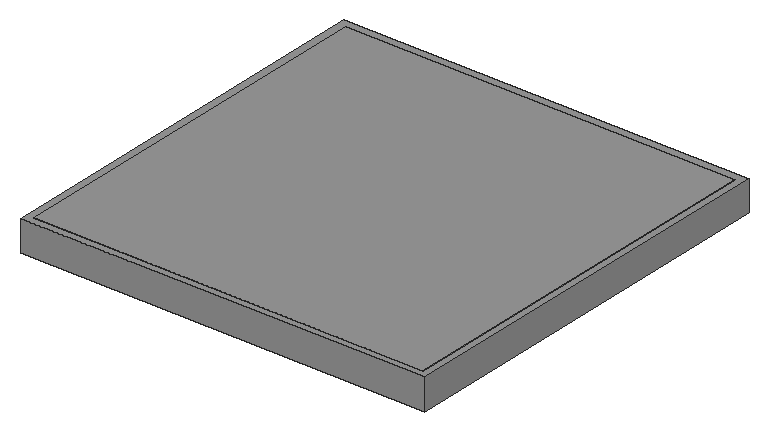
Revit family "ДВО-09 30 Вт Грильято DALI", category Осветительные приборы, Revit 2019 (continued)
Parameters (values of type "ДВО-09-О-30-3К-IP40-Грильято-DALI")
     1189.7 1184.8 1179.6 1173.9 1167.8 1161.1 1154.1 1146.5 1138.6 1130.3 1121.6 1112.5 1102.9 1093.3 1083.0 1072.6 1061.6 1050.5 1038.7 1027.0 1014.6 1002.0 989.0 975.7 961.8 947.9 933.7 919.2 904.6 889.6 874.5 859.0 843.5 827.5 811.2 794.7 777.8 760.8 743.6 726.1 708.5 690.7 672.6 654.3 635.8 617.2 598.2 579.1 559.8 540.3 520.6 500.6 480.7 460.3 440.2 419.4 399.0 378.2 357.6 336.7 316.2 295.3 275.0 254.3 234.4 214.1 194.5 175.0 156.0 137.2 119.1 101.8 85.3 70.0 55.8 43.3 32.6 23.9 17.1 12.4 9.3 7.5 6.7 6.4 6.3 6.4 6.4 6.3 6.4 6.5 6.6 0.0 0.0 0.0 0.0 0.0 0.0 0.0 0.0 0.0 0.0 0.0 0.0 0.0 0.0 0.0 0.0 0.0 0.0 0.0 0.0 0.0 0.0 0.0 0.0 0.0 0.0 0.0 0.0 0.0 0.0 0.0 0.0 0.0 0.0 0.0 0.0 0.0 0.0 0.0 0.0 0.0 0.0 0.0 0.0 0.0 0.0 0.0 0.0 0.0 0.0 0.0 0.0 0.0 0.0 0.0 0.0 0.0 0.0 0.0 0.0 0.0\r\n1213.1 1212.4 1211.0 1209.0 1206.6 1203.8 1200.3 1196.6 1192.3 1187.9 1182.9 1177.6 1171.6 1165.5 1158.5 1151.3 1143.5 1135.3 1126.8 1117.8 1108.6 1098.9 1089.1 1078.7 1068.2 1057.1 1045.8 1033.8 1021.8 1009.1 996.3 982.8 969.3 955.2 941.2 926.8 912.4 897.5 882.7 867.5 852.4 836.8 821.0 804.7 788.4 771.2 754.2 736.6 719.0 700.8 683.0 664.4 646.1 627.2 608.8 589.7 570.8 551.3 532.1 512.2 492.1 472.3 451.8 431.6 410.6 390.1 369.2 348.6 327.7 307.3 286.6 266.5 246.0 226.4 206.4 187.1 167.9 149.3 130.8 113.3 96.2 80.2 65.4 51.9 39.8 29.9 21.7 15.6 11.2 8.5 7.0 6.5 6.4 6.4 6.5 6.6 6.4 6.6 6.7 6.7 0.0 0.0 0.0 0.0 0.0 0.0 0.0 0.0 0.0 0.0 0.0 0.0 0.0 0.0 0.0 0.0 0.0 0.0 0.0 0.0 0.0 0.0 0.0 0.0 0.0 0.0 0.0 0.0 0.0 0.0 0.0 0.0 0.0 0.0 0.0 0.0 0.0 0.0 0.0 0.0 0.0 0.0 0.0 0.0 0.0 0.0 0.0 0.0 0.0 0.0 0.0 0.0 0.0 0.0 0.0 0.0 0.0 0.0 0.0 0.0 0.0\r\n1213.1 1212.5 1211.3 1209.5 1207.5 1205.0 1202.2 1198.8 1194.8 1190.7 1186.0 1181.0 1175.4 1169.1 1162.5 1155.4 1147.9 1140.1 1131.6 1123.0 1114.0 1104.9 1095.6 1085.8 1075.4 1064.4 1053.3 1041.6 1029.7 1017.2 1004.6 991.4 978.3 964.7 951.1 937.4 923.4 908.9 894.5 879.4 864.4 848.5 832.5 815.9 799.4 782.4 765.5 748.1 730.8 713.1 695.7 677.3 659.3 640.5 621.9 602.4 583.3 563.7 544.6 524.8 505.4 485.4 465.4 444.8 424.7 403.8 382.9 362.4 341.4 320.7 299.8 279.3 258.6 238.4 217.9 198.2 178.3 159.2 140.1 121.9 104.0 87.4 71.6 57.5 44.5 33.3 24.2 17.3 12.3 9.1 7.2 6.3 6.1 6.1 6.1 6.2 6.1 6.2 6.3 6.2 0.0 0.0 0.0 0.0 0.0 0.0 0.0 0.0 0.0 0.0 0.0 0.0 0.0 0.0 0.0 0.0 0.0 0.0 0.0 0.0 0.0 0.0 0.0 0.0 0.0 0.0 0.0 0.0 0.0 0.0 0.0 0.0 0.0 0.0 0.0 0.0 0.0 0.0 0.0 0.0 0.0 0.0 0.0 0.0 0.0 0.0 0.0 0.0 0.0 0.0 0.0 0.0 0.0 0.0 0.0 0.0 0.0 0.0 0.0 0.0 0.0\r\n1213.1 1212.5 1211.4 1209.7 1207.7 1205.2 1202.4 1199.0 1195.1 1191.1 1186.4 1181.3 1175.8 1169.6 1163.1 1156.1 1148.7 1141.0 1132.7 1124.2 1115.2 1105.9 1096.5 1086.6 1076.2 1065.2 1054.2 1042.6 1030.9 1018.7 1006.2 993.3 980.2 966.5 952.8 939.0 924.7 910.3 895.5 880.5 865.0 849.3 833.2 816.8 800.2 783.4 766.4 749.3 732.0 714.6 697.1 679.1 660.9 642.4 623.7 604.6 585.4 566.0 546.5 526.9 507.2 487.3 467.1 446.8 426.5 405.8 385.0 364.5 343.5 322.9 301.9 281.4 260.6 240.4 219.8 200.1 180.2 161.0 141.9 123.4 105.7 88.9 73.1 58.6 45.7 34.3 25.1 18.0 12.9 9.6 7.6 6.6 6.2 6.1 6.2 6.2 6.2 6.2 6.3 6.3 0.0 0.0 0.0 0.0 0.0 0.0 0.0 0.0 0.0 0.0 0.0 0.0 0.0 0.0 0.0 0.0 0.0 0.0 0.0 0.0 0.0 0.0 0.0 0.0 0.0 0.0 0.0 0.0 0.0 0.0 0.0 0.0 0.0 0.0 0.0 0.0 0.0 0.0 0.0 0.0 0.0 0.0 0.0 0.0 0.0 0.0 0.0 0.0 0.0 0.0 0.0 0.0 0.0 0.0 0.0 0.0 0.0 0.0 0.0 0.0 0.0\r\n1213.1 1212.4 1211.4 1209.9 1207.9 1205.4 1202.5 1199.2 1195.4 1191.4 1186.7 1181.5 1176.1 1170.0 1163.6 1156.8 1149.5 1141.8 1133.8 1125.3 1116.3 1106.9 1097.4 1087.3 1076.9 1066.0 1055.1 1043.6 1032.1 1020.1 1007.7 995.1 982.0 968.3 954.5 940.5 926.0 911.6 896.4 881.5 865.6 850.1 833.9 817.7 801.0 784.3 767.3 750.5 733.2 716.1 698.4 680.8 662.5 644.3 625.5 606.7 587.4 568.2 548.4 528.9 509.0 489.1 468.8 448.8 428.2 407.8 387.1 366.6 345.6 325.0 304.0 283.4 262.5 242.3 221.7 201.9 182.0 162.7 143.6 124.9 107.4 90.3 74.6 59.7 46.8 35.2 26.0 18.6 13.5 10.1 7.9 6.9 6.3 6.1 6.2 6.2 6.2 6.2 6.3 6.4 0.0 0.0 0.0 0.0 0.0 0.0 0.0 0.0 0.0 0.0 0.0 0.0 0.0 0.0 0.0 0.0 0.0 0.0 0.0 0.0 0.0 0.0 0.0 0.0 0.0 0.0 0.0 0.0 0.0 0.0 0.0 0.0 0.0 0.0 0.0 0.0 0.0 0.0 0.0 0.0 0.0 0.0 0.0 0.0 0.0 0.0 0.0 0.0 0.0 0.0 0.0 0.0 0.0 0.0 0.0 0.0 0.0 0.0 0.0 0.0 0.0\r\n1213.1 1212.4 1211.2 1209.5 1207.3 1204.6 1201.4 1197.9 1193.9 1189.7 1184.8 1179.6 1173.9 1167.8 1161.1 1154.1 1146.5 1138.6 1130.3 1121.6 1112.5 1102.9 1093.3 1083.0 1072.6 1061.6 1050.5 1038.7 1027.0 1014.6 1002.0 989.0 975.7 961.8 947.9 933.7 919.2 904.6 889.6 874.5 859.0 843.5 827.5 811.2 794.7 777.8 760.8 743.6 726.1 708.5 690.7 672.6 654.3 635.8 617.2 598.2 579.1 559.8 540.3 520.6 500.6 480.7 460.3 440.2 419.4 399.0 378.2 357.6 336.7 316.2 295.3 275.0 254.3 234.4 214.1 194.5 175.0 156.0 137.2 119.1 101.8 85.3 70.0 55.8 43.3 32.6 23.9 17.1 12.4 9.3 7.5 6.7 6.4 6.3 6.4 6.4 6.3 6.4 6.5 6.6 0.0 0.0 0.0 0.0 0.0 0.0 0.0 0.0 0.0 0.0 0.0 0.0 0.0 0.0 0.0 0.0 0.0 0.0 0.0 0.0 0.0 0.0 0.0 0.0 0.0 0.0 0.0 0.0 0.0 0.0 0.0 0.0 0.0 0.0 0.0 0.0 0.0 0.0 0.0 0.0 0.0 0.0 0.0 0.0 0.0 0.0 0.0 0.0 0.0 0.0 0.0 0.0 0.0 0.0 0.0 0.0 0.0 0.0 0.0 0.0 0.0\r\n1213.1 1212.4 1211.0 1209.0 1206.6 1203.8 1200.3 1196.6 1192.3 1187.9 1182.9 1177.6 1171.6 1165.5 1158.5 1151.3 1143.5 1135.3 1126.8 1117.8 1108.6 1098.9 1089.1 1078.7 1068.2 1057.1 1045.8 1033.8 1021.8 1009.1 996.3 982.8 969.3 955.2 941.2 926.8 912.4 897.5 882.7 867.5 852.4 836.8 821.0 804.7 788.4 771.2 754.2 736.6 719.0 700.8 683.0 664.4 646.1 627.2 608.8 589.7 570.8 551.3 532.1 512.2 492.1 472.3 451.8 431.6 410.6 390.1 369.2 348.6 327.7 307.3 286.6 266.5 246.0 226.4 206.4 187.1 167.9 149.3 130.8 113.3 96.2 80.2 65.4 51.9 39.8 29.9 21.7 15.6 11.2 8.5 7.0 6.5 6.4 6.4 6.5 6.6 6.4 6.6 6.7 6.7 0.0 0.0 0.0 0.0 0.0 0.0 0.0 0.0 0.0 0.0 0.0 0.0 0.0 0.0 0.0 0.0 0.0 0.0 0.0 0.0 0.0 0.0 0.0 0.0 0.0 0.0 0.0 0.0 0.0 0.0 0.0 0.0 0.0 0.0 0.0 0.0 0.0 0.0 0.0 0.0 0.0 0.0 0.0 0.0 0.0 0.0 0.0 0.0 0.0 0.0 0.0 0.0 0.0 0.0 0.0 0.0 0.0 0.0 0.0 0.0 0.0\r\n1213.1 1212.5 1211.3 1209.5 1207.5 1205.0 1202.2 1198.8 1194.8 1190.7 1186.0 1181.0 1175.4 1169.1 1162.5 1155.4 1147.9 1140.1 1131.6 1123.0 1114.0 1104.9 1095.6 1085.8 1075.4 1064.4 1053.3 1041.6 1029.7 1017.2 1004.6 991.4 978.3 964.7 951.1 937.4 923.4 908.9 894.5 879.4 864.4 848.5 832.5 815.9 799.4 782.4 765.5 748.1 730.8 713.1 695.7 677.3 659.3 640.5 621.9 602.4 583.3 563.7 544.6 524.8 505.4 485.4 465.4 444.8 424.7 403.8 382.9 362.4 341.4 320.7 299.8 279.3 258.6 238.4 217.9 198.2 178.3 159.2 140.1 121.9 104.0 87.4 71.6 57.5 44.5 33.3 24.2 17.3 12.3 9.1 7.2 6.3 6.1 6.1 6.1 6.2 6.1 6.2 6.3 6.2 0.0 0.0 0.0 0.0 0.0 0.0 0.0 0.0 0.0 0.0 0.0 0.0 0.0 0.0 0.0 0.0 0.0 0.0 0.0 0.0 0.0 0.0 0.0 0.0 0.0 0.0 0.0 0.0 0.0 0.0 0.0 0.0 0.0 0.0 0.0 0.0 0.0 0.0 0.0 0.0 0.0 0.0 0.0 0.0 0.0 0.0 0.0 0.0 0.0 0.0 0.0 0.0 0.0 0.0 0.0 0.0 0.0 0.0 0.0 0.0 0.0\r\n1213.1 1212.5 1211.4 1209.7 1207.7 1205.2 1202.4 1199.0 1195.1 1191.1 1186.4 1181.3 1175.8 1169.6 1163.1 1156.1 1148.7 1141.0 1132.7 1124.2 1115.2 1105.9 1096.5 1086.6 1076.2 1065.2 1054.2 1042.6 1030.9 1018.7 1006.2 993.3 980.2 966.5 952.8 939.0 924.7 910.3 895.5 880.5 865.0 849.3 833.2 816.8 800.2 783.4 766.4 749.3 732.0 714.6 697.1 679.1 660.9 642.4 623.7 604.6 585.4 566.0 546.5 526.9 507.2 487.3 467.1 446.8 426.5 405.8 385.0 364.5 343.5 322.9 301.9 281.4 260.6 240.4 219.8 200.1 180.2 161.0 141.9 123.4 105.7 88.9 73.1 58.6 45.7 34.3 25.1 18.0 12.9 9.6 7.6 6.6 6.2 6.1 6.2 6.2 6.2 6.2 6.3 6.3 0.0 0.0 0.0 0.0 0.0 0.0 0.0 0.0 0.0 0.0 0.0 0.0 0.0 0.0 0.0 0.0 0.0 0.0 0.0 0.0 0.0 0.0 0.0 0.0 0.0 0.0 0.0 0.0 0.0 0.0 0.0 0.0 0.0 0.0 0.0 0.0 0.0 0.0 0.0 0.0 0.0 0.0 0.0 0.0 0.0 0.0 0.0 0.0 0.0 0.0 0.0 0.0 0.0 0.0 0.0 0.0 0.0 0.0 0.0 0.0 0.0\r\n1213.1 1212.4 1211.4 1209.9 1207.9 1205.4 1202.5 1199.2 1195.4 1191.4 1186.7 1181.5 1176.1 1170.0 1163.6 1156.8 1149.5 1141.8 1133.8 1125.3 1116.3 1106.9 1097.4 1087.3 1076.9 1066.0 1055.1 1043.6 1032.1 1020.1 1007.7 995.1 982.0 968.3 954.5 940.5 926.0 911.6 896.4 881.5 865.6 850.1 833.9 817.7 801.0 784.3 767.3 750.5 733.2 716.1 698.4 680.8 662.5 644.3 625.5 606.7 587.4 568.2 548.4 528.9 509.0 489.1 468.8 448.8 428.2 407.8 387.1 366.6 345.6 325.0 304.0 283.4 262.5 242.3 221.7 201.9 182.0 162.7 143.6 124.9 107.4 90.3 74.6 59.7 46.8 35.2 26.0 18.6 13.5 10.1 7.9 6.9 6.3 6.1 6.2 6.2 6.2 6.2 6.3 6.4 0.0 0.0 0.0 0.0 0.0 0.0 0.0 0.0 0.0 0.0 0.0 0.0 0.0 0.0 0.0 0.0 0.0 0.0 0.0 0.0 0.0 0.0 0.0 0.0 0.0 0.0 0.0 0.0 0.0 0.0 0.0 0.0 0.0 0.0 0.0 0.0 0.0 0.0 0.0 0.0 0.0 0.0 0.0 0.0 0.0 0.0 0.0 0.0 0.0 0.0 0.0 0.0 0.0 0.0 0.0 0.0 0.0 0.0 0.0 0.0 0.0\r\n1213.1 1212.4 1211.2 1209.5 1207.3 1204.6 1201.4 1197.9 1193.9 1189.7 1184.8 1179.6 1173.9 1167.8 1161.1 1154.1 1146.5 1138.6 1130.3 1121.6 1112.5 1102.9 1093.3 1083.0 1072.6 1061.6 1050.5 1038.7 1027.0 1014.6 1002.0 989.0 975.7 961.8 947.9 933.7 919.2 904.6 889.6 874.5 859.0 843.5 827.5 811.2 794.7 777.8 760.8 743.6 726.1 708.5 690.7 672.6 654.3 635.8 617.2 598.2 579.1 559.8 540.3 520.6 500.6 480.7 460.3 440.2 419.4 399.0 378.2 357.6 336.7 316.2 295.3 275.0 254.3 234.4 214.1 194.5 175.0 156.0 137.2 119.1 101.8 85.3 70.0 55.8 43.3 32.6 23.9 17.1 12.4 9.3 7.5 6.7 6.4 6.3 6.4 6.4 6.3 6.4 6.5 6.6 0.0 0.0 0.0 0.0 0.0 0.0 0.0 0.0 0.0 0.0 0.0 0.0 0.0 0.0 0.0 0.0 0.0 0.0 0.0 0.0 0.0 0.0 0.0 0.0 0.0 0.0 0.0 0.0 0.0 0.0 0.0 0.0 0.0 0.0 0.0 0.0 0.0 0.0 0.0 0.0 0.0 0.0 0.0 0.0 0.0 0.0 0.0 0.0 0.0 0.0 0.0 0.0 0.0 0.0 0.0 0.0 0.0 0.0 0.0 0.0 0.0\r\n1213.1 1212.4 1211.0 1209.0 1206.6 1203.8 1200.3 1196.6 1192.3 1187.9 1182.9 1177.6 1171.6 1165.5 1158.5 1151.3 1143.5 1135.3 1126.8 1117.8 1108.6 1098.9 1089.1 1078.7 1068.2 1057.1 1045.8 1033.8 1021.8 1009.1 996.3 982.8 969.3 955.2 941.2 926.8 912.4 897.5 882.7 867.5 852.4 836.8 821.0 804.7 788.4 771.2 754.2 736.6 719.0 700.8 683.0 664.4 646.1 627.2 608.8 589.7 570.8 551.3 532.1 512.2 492.1 472.3 451.8 431.6 410.6 390.1 369.2 348.6 327.7 307.3 286.6 266.5 246.0 226.4 206.4 187.1 167.9 149.3 130.8 113.3 96.2 80.2 65.4 51.9 39.8 29.9 21.7 15.6 11.2 8.5 7.0 6.5 6.4 6.4 6.5 6.6 6.4 6.6 6.7 6.7 0.0 0.0 0.0 0.0 0.0 0.0 0.0 0.0 0.0 0.0 0.0 0.0 0.0 0.0 0.0 0.0 0.0 0.0 0.0 0.0 0.0 0.0 0.0 0.0 0.0 0.0 0.0 0.0 0.0 0.0 0.0 0.0 0.0 0.0 0.0 0.0 0.0 0.0 0.0 0.0 0.0 0.0 0.0 0.0 0.0 0.0 0.0 0.0 0.0 0.0 0.0 0.0 0.0 0.0 0.0 0.0 0.0 0.0 0.0 0.0 0.0\r\n1213.1 1212.5 1211.3 1209.5 1207.5 1205.0 1202.2 1198.8 1194.8 1190.7 1186.0 1181.0 1175.4 1169.1 1162.5 1155.4 1147.9 1140.1 1131.6 1123.0 1114.0 1104.9 1095.6 1085.8 1075.4 1064.4 1053.3 1041.6 1029.7 1017.2 1004.6 991.4 978.3 964.7 951.1 937.4 923.4 908.9 894.5 879.4 864.4 848.5 832.5 815.9 799.4 782.4 765.5 748.1 730.8 713.1 695.7 677.3 659.3 640.5 621.9 602.4 583.3 563.7 544.6 524.8 505.4 485.4 465.4 444.8 424.7 403.8 382.9 362.4 341.4 320.7 299.8 279.3 258.6 238.4 217.9 198.2 178.3 159.2 140.1 121.9 104.0 87.4 71.6 57.5 44.5 33.3 24.2 17.3 12.3 9.1 7.2 6.3 6.1 6.1 6.1 6.2 6.1 6.2 6.3 6.2 0.0 0.0 0.0 0.0 0.0 0.0 0.0 0.0 0.0 0.0 0.0 0.0 0.0 0.0 0.0 0.0 0.0 0.0 0.0 0.0 0.0 0.0 0.0 0.0 0.0 0.0 0.0 0.0 0.0 0.0 0.0 0.0 0.0 0.0 0.0 0.0 0.0 0.0 0.0 0.0 0.0 0.0 0.0 0.0 0.0 0.0 0.0 0.0 0.0 0.0 0.0 0.0 0.0 0.0 0.0 0.0 0.0 0.0 0.0 0.0 0.0\r\n1213.1 1212.5 1211.4 1209.7 1207.7 1205.2 1202.4 1199.0 1195.1 1191.1 1186.4 1181.3 1175.8 1169.6 1163.1 1156.1 1148.7 1141.0 1132.7 1124.2 1115.2 1105.9 1096.5 1086.6 1076.2 1065.2 1054.2 1042.6 1030.9 1018.7 1006.2 993.3 980.2 966.5 952.8 939.0 924.7 910.3 895.5 880.5 865.0 849.3 833.2 816.8 800.2 783.4 766.4 749.3 732.0 714.6 697.1 679.1 660.9 642.4 623.7 604.6 585.4 566.0 546.5 526.9 507.2 487.3 467.1 446.8 426.5 405.8 385.0 364.5 343.5 322.9 301.9 281.4 260.6 240.4 219.8 200.1 180.2 161.0 141.9 123.4 105.7 88.9 73.1 58.6 45.7 34.3 25.1 18.0 12.9 9.6 7.6 6.6 6.2 6.1 6.2 6.2 6.2 6.2 6.3 6.3 0.0 0.0 0.0 0.0 0.0 0.0 0.0 0.0 0.0 0.0 0.0 0.0 0.0 0.0 0.0 0.0 0.0 0.0 0.0 0.0 0.0 0.0 0.0 0.0 0.0 0.0 0.0 0.0 0.0 0.0 0.0 0.0 0.0 0.0 0.0 0.0 0.0 0.0 0.0 0.0 0.0 0.0 0.0 0.0 0.0 0.0 0.0 0.0 0.0 0.0 0.0 0.0 0.0 0.0 0.0 0.0 0.0 0.0 0.0 0.0 0.0\r\n1213.1 1212.4 1211.4 1209.9 1207.9 1205.4 1202.5 1199.2 1195.4 1191.4 1186.7 1181.5 1176.1 1170.0 1163.6 1156.8 1149.5 1141.8 1133.8 1125.3 1116.3 1106.9 1097.4 1087.3 1076.9 1066.0 1055.1 1043.6 1032.1 1020.1 1007.7 995.1 982.0 968.3 954.5 940.5 926.0 911.6 896.4 881.5 865.6 850.1 833.9 817.7 801.0 784.3 767.3 750.5 733.2 716.1 698.4 680.8 662.5 644.3 625.5 606.7 587.4 568.2 548.4 528.9 509.0 489.1 468.8 448.8 428.2 407.8 387.1 366.6 345.6 325.0 304.0 283.4 262.5 242.3 221.7 201.9 182.0 162.7 143.6 124.9 107.4 90.3 74.6 59.7 46.8 35.2 26.0 18.6 13.5 10.1 7.9 6.9 6.3 6.1 6.2 6.2 6.2 6.2 6.3 6.4 0.0 0.0 0.0 0.0 0.0 0.0 0.0 0.0 0.0 0.0 0.0 0.0 0.0 0.0 0.0 0.0 0.0 0.0 0.0 0.0 0.0 0.0 0.0 0.0 0.0 0.0 0.0 0.0 0.0 0.0 0.0 0.0 0.0 0.0 0.0 0.0 0.0 0.0 0.0 0.0 0.0 0.0 0.0 0.0 0.0 0.0 0.0 0.0 0.0 0.0 0.0 0.0 0.0 0.0 0.0 0.0 0.0 0.0 0.0 0.0 0.0\r\n1213.1 1212.4 1211.2 1209.5 1207.3 1204.6 1201.4 1197.9 1193.9 1189.7 1184.8 1179.6 1173.9 1167.8 1161.1 1154.1 1146.5 1138.6 1130.3 1121.6 1112.5 1102.9 1093.3 1083.0 1072.6 1061.6 1050.5 1038.7 1027.0 1014.6 1002.0 989.0 975.7 961.8 947.9 933.7 919.2 904.6 889.6 874.5 859.0 843.5 827.5 811.2 794.7 777.8 760.8 743.6 726.1 708.5 690.7 672.6 654.3 635.8 617.2 598.2 579.1 559.8 540.3 520.6 500.6 480.7 460.3 440.2 419.4 399.0 378.2 357.6 336.7 316.2 295.3 275.0 254.3 234.4 214.1 194.5 175.0 156.0 137.2 119.1 101.8 85.3 70.0 55.8 43.3 32.6 23.9 17.1 12.4 9.3 7.5 6.7 6.4 6.3 6.4 6.4 6.3 6.4 6.5 6.6 0.0 0.0 0.0 0.0 0.0 0.0 0.0 0.0 0.0 0.0 0.0 0.0 0.0 0.0 0.0 0.0 0.0 0.0 0.0 0.0 0.0 0.0 0.0 0.0 0.0 0.0 0.0 0.0 0.0 0.0 0.0 0.0 0.0 0.0 0.0 0.0 0.0 0.0 0.0 0.0 0.0 0.0 0.0 0.0 0.0 0.0 0.0 0.0 0.0 0.0 0.0 0.0 0.0 0.0 0.0 0.0 0.0 0.0 0.0 0.0 0.0\r\n1213.1 1212.4 1211.0 1209.0 1206.6 1203.8 1200.3 1196.6 1192.3 1187.9 1182.9 1177.6 1171.6 1165.5 1158.5 1151.3 1143.5 1135.3 1126.8 1117.8 1108.6 1098.9 1089.1 1078.7 1068.2 1057.1 1045.8 1033.8 1021.8 1009.1 996.3 982.8 969.3 955.2 941.2 926.8 912.4 897.5 882.7 867.5 852.4 836.8 821.0 804.7 788.4 771.2 754.2 736.6 719.0 700.8 683.0 664.4 646.1 627.2 608.8 589.7 570.8 551.3 532.1 512.2 492.1 472.3 451.8 431.6 410.6 390.1 369.2 348.6 327.7 307.3 286.6 266.5 246.0 226.4 206.4 187.1 167.9 149.3 130.8 113.3 96.2 80.2 65.4 51.9 39.8 29.9 21.7 15.6 11.2 8.5 7.0 6.5 6.4 6.4 6.5 6.6 6.4 6.6 6.7 6.7 0.0 0.0 0.0 0.0 0.0 0.0 0.0 0.0 0.0 0.0 0.0 0.0 0.0 0.0 0.0 0.0 0.0 0.0 0.0 0.0 0.0 0.0 0.0 0.0 0.0 0.0 0.0 0.0 0.0 0.0 0.0 0.0 0.0 0.0 0.0 0.0 0.0 0.0 0.0 0.0 0.0 0.0 0.0 0.0 0.0 0.0 0.0 0.0 0.0 0.0 0.0 0.0 0.0 0.0 0.0 0.0 0.0 0.0 0.0 0.0 0.0\r\n1213.1 1212.5 1211.3 1209.5 1207.5 1205.0 1202.2 1198.8 1194.8 1190.7 1186.0 1181.0 1175.4 1169.1 1162.5 1155.4 1147.9 1140.1 1131.6 1123.0 1114.0 1104.9 1095.6 1085.8 1075.4 1064.4 1053.3 1041.6 1029.7 1017.2 1004.6 991.4 978.3 964.7 951.1 937.4 923.4 908.9 894.5 879.4 864.4 848.5 832.5 815.9 799.4 782.4 765.5 748.1 730.8 713.1 695.7 677.3 659.3 640.5 621.9 602.4 583.3 563.7 544.6 524.8 505.4 485.4 465.4 444.8 424.7 403.8 382.9 362.4 341.4 320.7 299.8 279.3 258.6 238.4 217.9 198.2 178.3 159.2 140.1 121.9 104.0 87.4 71.6 57.5 44.5 33.3 24.2 17.3 12.3 9.1 7.2 6.3 6.1 6.1 6.1 6.2 6.1 6.2 6.3 6.2 0.0 0.0 0.0 0.0 0.0 0.0 0.0 0.0 0.0 0.0 0.0 0.0 0.0 0.0 0.0 0.0 0.0 0.0 0.0 0.0 0.0 0.0 0.0 0.0 0.0 0.0 0.0 0.0 0.0 0.0 0.0 0.0 0.0 0.0 0.0 0.0 0.0 0.0 0.0 0.0 0.0 0.0 0.0 0.0 0.0 0.0 0.0 0.0 0.0 0.0 0.0 0.0 0.0 0.0 0.0 0.0 0.0 0.0 0.0 0.0 0.0\r\n1213.1 1212.5 1211.4 1209.7 1207.7 1205.2 1202.4 1199.0 1195.1 1191.1 1186.4 1181.3 1175.8 1169.6 1163.1 1156.1 1148.7 1141.0 1132.7 1124.2 1115.2 1105.9 1096.5 1086.6 1076.2 1065.2 1054.2 1042.6 1030.9 1018.7 1006.2 993.3 980.2 966.5 952.8 939.0 924.7 910.3 895.5 880.5 865.0 849.3 833.2 816.8 800.2 783.4 766.4 749.3 732.0 714.6 697.1 679.1 660.9 642.4 623.7 604.6 585.4 566.0 546.5 526.9 507.2 487.3 467.1 446.8 426.5 405.8 385.0 364.5 343.5 322.9 301.9 281.4 260.6 240.4 219.8 200.1 180.2 161.0 141.9 123.4 105.7 88.9 73.1 58.6 45.7 34.3 25.1 18.0 12.9 9.6 7.6 6.6 6.2 6.1 6.2 6.2 6.2 6.2 6.3 6.3 0.0 0.0 0.0 0.0 0.0 0.0 0.0 0.0 0.0 0.0 0.0 0.0 0.0 0.0 0.0 0.0 0.0 0.0 0.0 0.0 0.0 0.0 0.0 0.0 0.0 0.0 0.0 0.0 0.0 0.0 0.0 0.0 0.0 0.0 0.0 0.0 0.0 0.0 0.0 0.0 0.0 0.0 0.0 0.0 0.0 0.0 0.0 0.0 0.0 0.0 0.0 0.0 0.0 0.0 0.0 0.0 0.0 0.0 0.0 0.
